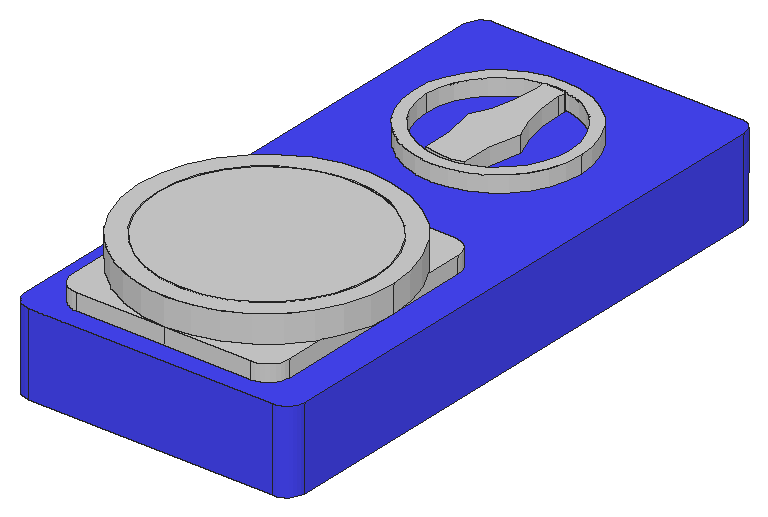
Revit family "Building-IEC309Connections-GEWISS-67IB-INTERLOCKED-SOCKET-OUTLETS_IP67_WITHOUT_BOTTOM_MOD", category Apparecchi elettrici, host Superficie, Revit 2019
Family settings
  Host = Superficie
  Mantenere orientamento annotazione = Sì
  Quota connettore circolare = Usa diametro
  Tipo di parte = Normale
  Taglio con vuoti quando caricato = Sì
  Condiviso = Sì
  Punto di calcolo locali = Sì
Parameters (values of type "GW66170N - 3P+N+E32A400V V.IN.SOC.O.NB.6H MT60 IP67")
  presa = rosso
  giallo = 0 mm
  dist_piano [instance] = 26 mm
  Working temperature = "-25 ÷ +40 °C"
  With back-mounting box = "No"
  Vista_2d_pianta [instance] = yes
  Version file RFA = "21.4"
  URL = "https://www.gewiss.com/ww/en"
  Typology = "Vertical"
  Thermo-pressure with ball = "125 °C"
  Technical sheet = "https://www.gewiss.com/ww/en/search?q=GW66170N"
  Struttura = Grigio RAL - 7035
  Simbolo presa = PRESAINDSTAGNA : 3P
  Simbolo [instance] = yes
  Simb_circuito [instance] = not(Simbolo)  # no
  Shock resistance = "IK08"
  SEO = "Socket outlet"
  Reference h = "6"
  Realized by GEWISS S.p.A. = ""
  Rated voltage: = "380 - 415 V"
  Rated voltage = "380 - 415 V"
  Rated frequency (Hz) = "50/60 Hz"
  Rated current (In) = "32"
  Rated current (A) = "32"
  Protection = "MCB"
  Default Elevation = 1219.2 mm
  Produttore = "GEWISS S.p.A."
  Operating temperature: = "-25 +40 °C"
  Number of poles = "2P+E"
  No. of poles = "3P+N+E"
  Modello = "GW66170N"
  Immagine tipo = A.jpg
  IP degree = "IP67"
  IDT = "a7f1347e-7fe6-401d-a8af-d935eaffb75e"
  IDF = "b83f6655-9841-43d4-b5be-f67be19551fa"
  Glow wire test: = "850 °C"
  Glow Wire Test = "850 °C"
  Frequency = "50/60 Hz"
  Electrocod = "2222"
  EAN code = "8011564741133"
  Distanza x [instance] = 0 mm
  Distanza orizzontale simbolo [instance] = 100 mm
  Distanza effettiva x [instance] = 1500 mm - Distanza x  # 1500 mm
  Descrizione = "3P+N+E32A400V V.IN.SOC.O.NB.6H MT60 IP67"
  Corpo presa = GEWISS -BLU
  Cornice simbolo [instance] = yes
  Colour: = "Red"
  Colour = "Red"
  Circuit breaker = "MT 6 kA C characteristic"
  Catalogue Range = "67 IB"
  Catalogue = "BUILDING"
  COBie.Tagnumber = ""
  COBie.CreatedOn = ""
  COBie.CreatebBy = ""
  COBie.ComponentRegisterItemID = ""
  COBie.Component.TagNumber = ""
  COBie.Component.Space = ""
  COBie.Component.SerialNumber = ""
  COBie.Component.InstallationDate = ""
  COBie.Component.Description = ""
  COBie.Component.BarCode = ""
Types (18, lengths in mm): name | Technical sheet | Reference h | Rated voltage: | Rated voltage | Rated current (In) | Rated current (A) | Number of poles | No. of poles | Modello | IDT | EAN code | Descrizione | Colour: | Colour
  GW66151N - 2P+E16A110V V.INT.SOCK.O.NB.4H MT60 IP67 | "https://www.gewiss.com/ww/en/search?q=GW66151N" | "4" | "100 - 130 V" | "100 - 130 V" | "16" | "16" | "2P+E" | "2P+E" | "GW66151N" | "280c487e-d6da-43be-8d9a-56c276f510c0" | "8011564740969" | "2P+E16A110V V.INT.SOCK.O.NB.4H MT60 IP67" | "Yellow" | "Yellow"
  GW66152N - 3P+E16A110V V.INT.SOCK.O.NB.4H MT60 IP67 | "https://www.gewiss.com/ww/en/search?q=GW66152N" | "4" | "100 - 130 V" | "100 - 130 V" | "16" | "16" | "3P+E" | "3P+E" | "GW66152N" | "0375e067-b854-4ca7-bb5d-b574e398fb1a" | "8011564740976" | "3P+E16A110V V.INT.SOCK.O.NB.4H MT60 IP67" | "Yellow" | "Yellow"
  GW66153N - 3P+N+E16A110V V.IN.SOC.O.NB.4H MT60 IP67 | "https://www.gewiss.com/ww/en/search?q=GW66153N" | "4" | "100 - 130 V" | "100 - 130 V" | "16" | "16" | "3P+N+E" | "3P+N+E" | "GW66153N" | "c15b39f4-96c4-48e8-b21e-d1e8542cf272" | "8011564740983" | "3P+N+E16A110V V.IN.SOC.O.NB.4H MT60 IP67" | "Yellow" | "Yellow"
  GW66154N - 2P+E16A230V V.INT.SOCK.O.NB.6H MT60 IP67 | "https://www.gewiss.com/ww/en/search?q=GW66154N" | "6" | "200 - 250 V" | "200 - 250 V" | "16" | "16" | "2P+E" | "2P+E" | "GW66154N" | "125d9dcb-f4de-4703-a0ef-dd9d8cea76e1" | "8011564740990" | "2P+E16A230V V.INT.SOCK.O.NB.6H MT60 IP67" | "Blue" | "Blue"
  GW66155N - 3P+E16A230V V.INT.SOCK.O.NB.9H MT60 IP67 | "https://www.gewiss.com/ww/en/search?q=GW66155N" | "9" | "200 - 250 V" | "200 - 250 V" | "16" | "16" | "3P+E" | "3P+E" | "GW66155N" | "6b489335-d57d-4482-97ce-f00b502849de" | "8011564741003" | "3P+E16A230V V.INT.SOCK.O.NB.9H MT60 IP67" | "Blue" | "Blue"
  GW66156N - 3P+N+E16A230V V.IN.SOC.O.NB.9H MT60 IP67 | "https://www.gewiss.com/ww/en/search?q=GW66156N" | "9" | "200 - 250 V" | "200 - 250 V" | "16" | "16" | "3P+N+E" | "3P+N+E" | "GW66156N" | "88ff29fb-67ff-4301-a8ce-8147a9386706" | "8011564741010" | "3P+N+E16A230V V.IN.SOC.O.NB.9H MT60 IP67" | "Blue" | "Blue"
  GW66157N - 2P+E16A400V V.INT.SOCK.O.NB.9H MT60 IP67 | "https://www.gewiss.com/ww/en/search?q=GW66157N" | "9" | "380 - 415 V" | "380 - 415 V" | "16" | "16" | "2P+E" | "2P+E" | "GW66157N" | "1713826b-0331-42f6-977d-3b1ad764ad4b" | "8011564741027" | "2P+E16A400V V.INT.SOCK.O.NB.9H MT60 IP67" | "Red" | "Red"
  GW66158N - 3P+E16A400V V.INT.SOCK.O.NB.6H MT60 IP67 | "https://www.gewiss.com/ww/en/search?q=GW66158N" | "6" | "380 - 415 V" | "380 - 415 V" | "16" | "16" | "3P+E" | "3P+E" | "GW66158N" | "e71b0447-933b-44fe-b03b-9d02754213eb" | "8011564741034" | "3P+E16A400V V.INT.SOCK.O.NB.6H MT60 IP67" | "Red" | "Red"
  GW66159N - 3P+N+E16A400V V.IN.SOC.O.NB.6H MT60 IP67 | "https://www.gewiss.com/ww/en/search?q=GW66159N" | "6" | "380 - 415 V" | "380 - 415 V" | "16" | "16" | "3P+N+E" | "3P+N+E" | "GW66159N" | "baf39f31-28a4-4099-8de4-750e6066bad7" | "8011564741041" | "3P+N+E16A400V V.IN.SOC.O.NB.6H MT60 IP67" | "Red" | "Red"
  GW66162N - 2P+E32A110V V.INT.SOCK.O.NB.4H MT60 IP67 | "https://www.gewiss.com/ww/en/search?q=GW66162N" | "4" | "100 - 130 V" | "100 - 130 V" | "32" | "32" | "3P+E" | "2P+E" | "GW66162N" | "504639eb-1ebc-4a00-927b-c21b63c6beda" | "8011564741058" | "2P+E32A110V V.INT.SOCK.O.NB.4H MT60 IP67" | "Yellow" | "Yellow"
  GW66163N - 3P+E32A110V V.INT.SOCK.O.NB.4H MT60 IP67 | "https://www.gewiss.com/ww/en/search?q=GW66163N" | "4" | "100 - 130 V" | "100 - 130 V" | "32" | "32" | "3P+N+E" | "3P+E" | "GW66163N" | "1b005a83-67f6-458a-bb24-ad9c4aedddfb" | "8011564741065" | "3P+E32A110V V.INT.SOCK.O.NB.4H MT60 IP67" | "Yellow" | "Yellow"
  GW66164N - 3P+N+E32A110V V.IN.SOC.O.NB.4H MT60 IP67 | "https://www.gewiss.com/ww/en/search?q=GW66164N" | "4" | "100 - 130 V" | "100 - 130 V" | "32" | "32" | "2P+E" | "3P+N+E" | "GW66164N" | "32073e2c-cb5d-450e-961b-e6b2e9a93a57" | "8011564741072" | "3P+N+E32A110V V.IN.SOC.O.NB.4H MT60 IP67" | "Yellow" | "Yellow"
  GW66165N - 2P+E32A230V V.INT.SOCK.O.NB.6H MT60 IP67 | "https://www.gewiss.com/ww/en/search?q=GW66165N" | "6" | "200 - 250 V" | "200 - 250 V" | "32" | "32" | "3P+E" | "2P+E" | "GW66165N" | "a640460b-f246-43fa-9dcf-695a4f90914c" | "8011564741089" | "2P+E32A230V V.INT.SOCK.O.NB.6H MT60 IP67" | "Blue" | "Blue"
  GW66166N - 3P+E32A230V V.INT.SOCK.O.NB.9H MT60 IP67 | "https://www.gewiss.com/ww/en/search?q=GW66166N" | "9" | "200 - 250 V" | "200 - 250 V" | "32" | "32" | "3P+N+E" | "3P+E" | "GW66166N" | "f4311082-624e-43ea-aaed-8ec6cd391ee0" | "8011564741096" | "3P+E32A230V V.INT.SOCK.O.NB.9H MT60 IP67" | "Blue" | "Blue"
  GW66167N - 3P+N+E32A230V V.IN.SOC.O.NB.9H MT60 IP67 | "https://www.gewiss.com/ww/en/search?q=GW66167N" | "9" | "200 - 250 V" | "200 - 250 V" | "32" | "32" | "2P+E" | "3P+N+E" | "GW66167N" | "f073d92a-cce3-49a6-b3ff-ae31262cd0bc" | "8011564741102" | "3P+N+E32A230V V.IN.SOC.O.NB.9H MT60 IP67" | "Blue" | "Blue"
  GW66168N - 2P+E32A400V V.INT.SOCK.O.NB.9H MT60 IP67 | "https://www.gewiss.com/ww/en/search?q=GW66168N" | "9" | "380 - 415 V" | "380 - 415 V" | "32" | "32" | "3P+E" | "2P+E" | "GW66168N" | "fba403d5-28f3-4002-b340-79907503e491" | "8011564741119" | "2P+E32A400V V.INT.SOCK.O.NB.9H MT60 IP67" | "Red" | "Red"
  GW66169N - 3P+E32A400V V.INT.SOCK.O.NB.6H MT60 IP67 | "https://www.gewiss.com/ww/en/search?q=GW66169N" | "6" | "380 - 415 V" | "380 - 415 V" | "32" | "32" | "3P+N+E" | "3P+E" | "GW66169N" | "c75e6b8a-43b1-499e-b90e-15541d11c266" | "8011564741126" | "3P+E32A400V V.INT.SOCK.O.NB.6H MT60 IP67" | "Red" | "Red"
  GW66170N - 3P+N+E32A400V V.IN.SOC.O.NB.6H MT60 IP67 | "https://www.gewiss.com/ww/en/search?q=GW66170N" | "6" | "380 - 415 V" | "380 - 415 V" | "32" | "32" | "2P+E" | "3P+N+E" | "GW66170N" | "a7f1347e-7fe6-401d-a8af-d935eaffb75e" | "8011564741133" | "3P+N+E32A400V V.IN.SOC.O.NB.6H MT60 IP67" | "Red" | "Red"
Reference planes
  plane 1 "Centro (Fronte/Retro)": y = 0
  plane 2: z = 0
  plane 3 "Centro (Sinistra/Destra)": x = 0
  plane 4: z = -2
  plane 5: x = 0
  plane 6: x = -1500
  plane 7: x = 0
  plane 8: through (-170.762, -4572, -38.353) normal (-0.6157, 0, 0.788)
  plane 9: x = -51.152
  plane 10: x = 53.222
  plane 11: z = 24
  plane 12: y = -110
  plane 13: y = 110
  plane 14: z = 24
  plane 15: z = 71
Forms (mm)
  Extrusion 1, solid, detail levels coarse
    sketch origin (0, 0, 0) x (1, 0, 0) y (0, 0, 1)
      loop
        line (-51.152, 71) -> (-51.152, 24) -> (53.222, 24) -> (53.222, 71) -> (-51.152, 71)
    from -108.895 to 109.105
Lines and regions (mm)
  Masking region 1, visible <- "Vista_2d_pianta"
    outline origin (0, 0, 0) x (1, 0, 0) y (0, 0, 1)
      loop
        line (-50.384, 54) -> (-50.384, 24) -> (52.616, 24) -> (52.616, 54) -> (-50.384, 54)
  Masking region 2, visible <- "Vista_2d_pianta"
    outline origin (0, 0, 0) x (1, 0, 0) y (0, 0, 1)
      loop
        line (-40, 60) -> (-40, 54) -> (40, 54) -> (40, 60) -> (-40, 60)
  Masking region 3, visible <- "Vista_2d_pianta"
    outline origin (0, 0, 0) x (1, 0, 0) y (0, 0, 1)
      loop
        line (-46.899, 60) -> (46.899, 60) -> (46.899, 70) -> (-46.899, 70) -> (-46.899, 60)
Dimensions and locks
  locked: plane 2 to plane 4 at 2
  "Distanza effettiva x": plane 5 to plane 6
  plane 3 "Centro (Sinistra/Destra)" to plane 6 = 1500 mm
  plane 6 to plane 5 = 1500 mm
  "Distanza effettiva x": plane 6 to plane 7
  locked: plane 9 to Masking region 1 at 0.768
  locked: Masking region 1 to plane 10 at 0.606
  "dist_piano": plane 14 to plane 4
  equal spacing: plane 12, plane 1 "Centro (Fronte/Retro)", plane 13
  locked: plane 12 to plane 13 at 220
  locked: plane 11 to plane 14 at 0
  locked: plane 15 to plane 11 at 47
  angle plane 8 to plane 4 = 142.00°
  angle plane 7 to plane 8 = 128.00°
  aligned and locked: plane 2 to host face
  aligned and locked: level to host face
  aligned and locked: plane 3 "Centro (Sinistra/Destra)" to nested 1
  aligned and locked: Masking region 1 sketch curve to nested 1  (x4)
  aligned and locked: Masking region 2 sketch curve to nested 1  (x4)
  aligned and locked: Extrusion 1 sketch curve to plane 9
  aligned and locked: Extrusion 1 sketch curve to plane 10
  aligned and locked: nested 1 to plane 11
  aligned and locked: Masking region 3 sketch curve to nested 1  (x4)
  aligned and locked: Extrusion 1 to plane 14
  aligned and locked: plane 15 to Extrusion 1
  aligned and locked: plane 7 to nested 2
  aligned and locked: plane 7 to nested 3
Automatic sketch dimensions
  host sketch curve to host sketch curve = 2438.4 mm  (x2)
  Extrusion 1 sketch curve to plane 11 = 0 mm
  plane 11 to Extrusion 1 sketch curve = 47 mm
Nested families
  nested 1: "IB PRESE INTERBLOC VERT_NO FONDO" at (0, 0, 24), type "IB PRESE INTERBLOC VERT_NO FONDO", detail levels medium+fine
  nested 2: "simbolo_circuitoGW66201N" at (0, 30.442, 0), Distanza dal muro <- "Distanza orizzontale simbolo", SIMBOLO ACCESO <- "Simb_circuito", type "3P"
    with SIMBOLO ACCESO no, Distanza dal muro 100 mm, BORDO ACCESO yes
  nested 3: "PRESAINDSTAGNA" at (0, 23.722, 0), Distanza dal muro <- "Distanza orizzontale simbolo", SIMBOLO ACCESO <- "Simbolo", type "3P"
    with SIMBOLO ACCESO yes, Distanza dal muro 100 mm, BORDO ACCESO yes
Definition of nested family "IB PRESE INTERBLOC VERT_NO FONDO"
  Parameters (values of type "IB PRESE INTERBLOC VERT_NO FONDO")
    corpo presa = none
    Struttura = none
    Spessore = 30 mm
    Raggio = 40 mm
    Default Elevation = 14 mm
    Presa = none
    Lunghezza = 103 mm
    IFC.TypeObject = ""
    IFC.ExportType = ""
    IFC.ExportAs = ""
    H_da terra = 586.883 mm
    COBie.CreatedOn = ""
    COBie.CreatebBy = ""
    COBie.ComponentRegisterItemID = ""
    COBie.Component.TagNumber = ""
    COBie.Component.Space = ""
    COBie.Component.SerialNumber = ""
    COBie.Component.InstallationDate = ""
    COBie.Component.Description = ""
    COBie.Component.BarCode = ""
    Altezza = 220 mm
  Reference planes
    plane 1 "Centro (Fronte/Retro)": y = 0
    plane 2: z = 0
    plane 3 "Centro (Sinistra/Destra)": x = 0
    plane 4: z = 6.883
    plane 5: z = 10.499
    plane 6 "presa": z = 46
    plane 7: z = 36
    plane 8: z = 30
    plane 9: x = -40
    plane 10: x = 40
    plane 11: y = -5.355
    plane 12: y = -98.612
    plane 13: y = -51.359
  Forms (mm)
    Extrusion 1, solid, material <- "Struttura"
      sketch origin (0, -697.104, -30) x (1, 0, 0) y (0, 1, 0)
        loop
          line (-0.408, 691.748) -> (-32.003, 691.748)
          spline (-32.003, 691.748) -> (-33.047, 691.681) -> (-34.073, 691.48) -> (-35.063, 691.148) -> (-36.002, 690.693) -> (-36.871, 690.12) -> (-37.658, 689.441) -> (-38.347, 688.666) -> (-38.929, 687.809) -> (-39.391, 686.885) -> (-39.728, 685.909) -> (-39.932, 684.898) -> (-40, 683.87)
          line (-40, 683.87) -> (-40, 606.37)
          spline (-40, 606.37) -> (-39.932, 605.341) -> (-39.728, 604.331) -> (-39.391, 603.355) -> (-38.929, 602.43) -> (-38.347, 601.574) -> (-37.658, 600.799) -> (-36.871, 600.119) -> (-36.002, 599.547) -> (-35.063, 599.091) -> (-34.073, 598.76) -> (-33.047, 598.559) -> (-32.003, 598.491)
          line (-32.003, 598.491) -> (0, 598.491) -> (32.003, 598.491)
          spline (32.003, 598.491) -> (33.047, 598.559) -> (34.073, 598.76) -> (35.063, 599.091) -> (36.002, 599.547) -> (36.871, 600.119) -> (37.658, 600.799) -> (38.347, 601.574) -> (38.929, 602.43) -> (39.391, 603.355) -> (39.728, 604.331) -> (39.932, 605.341) -> (40, 606.37)
          line (40, 606.37) -> (40, 683.87)
          spline (40, 683.87) -> (39.932, 684.898) -> (39.728, 685.909) -> (39.391, 686.885) -> (38.929, 687.809) -> (38.347, 688.666) -> (37.658, 689.441) -> (36.871, 690.12) -> (36.002, 690.693) -> (35.063, 691.148) -> (34.073, 691.48) -> (33.047, 691.681) -> (32.003, 691.748)
          line (32.003, 691.748) -> (-0.408, 691.748)
      from 60 to 66
    Extrusion 2, solid, material <- "Presa"
      sketch origin (0, -700.854, -30) x (1, 0, 0) y (0, 1, 0)
        loop
          circle (0, 649.495) r 46.899
        loop
          circle (0, 649.495) r 40
      from 66 to 76
    Extrusion 3, solid, material <- "Struttura"
      sketch origin (0, -697.104, -30) x (1, 0, 0) y (0, 1, 0)
        loop
          circle (0, 752.384) r 30.831
        loop
          circle (0, 752.384) r 26.483
      from 60 to 66
    Extrusion 4, solid, material <- "Struttura"
      sketch origin (0, -697.104, -30) x (1, 0, 0) y (0, 1, 0)
        loop
          arc (-9.552, 750.899) -> (-7.429, 739.645) -> (-7.314, 728.193) r 64.983
          arc (-7.314, 728.193) -> (-0.131, 727.067) -> (7.064, 728.115) r 24.316
          arc (7.064, 728.115) -> (7.302, 739.566) -> (9.547, 750.796) r 64.983
          arc (9.547, 750.796) -> (5.519, 762.425) -> (4.215, 774.661) r 54.251
          line (4.215, 774.661) -> (4.25, 777.658)
          arc (4.25, 777.658) -> (3.985, 778.329) -> (3.336, 778.647) r 1
          arc (3.336, 778.647) -> (0.147, 778.794) -> (-3.043, 778.682) r 39.364
          arc (-3.043, 778.682) -> (-3.695, 778.371) -> (-3.967, 777.702) r 1
          line (-3.967, 777.702) -> (-3.964, 774.706)
          arc (-3.964, 774.706) -> (-5.4, 762.483) -> (-9.552, 750.899) r 54.251
      from 60 to 66
    Extrusion 5, solid, material <- "corpo presa"
      sketch origin (-2.5, -699.604, -30) x (1, 0, 0) y (0, 1, 0)
        loop
          arc (55.116, 802.193) -> (53.269, 806.652) -> (48.81, 808.499) r 6.306
          line (48.81, 808.499) -> (-41.578, 808.499)
          arc (-41.578, 808.499) -> (-46.037, 806.652) -> (-47.884, 802.193) r 6.306
          line (-47.884, 802.193) -> (-47.884, 600.052)
          arc (-47.884, 600.052) -> (-45.976, 595.446) -> (-41.369, 593.537) r 6.515
          line (-41.369, 593.537) -> (48.601, 593.537)
          arc (48.601, 593.537) -> (53.208, 595.446) -> (55.116, 600.052) r 6.515
          line (55.116, 600.052) -> (55.116, 802.193)
      from 30 to 60
    Extrusion 6, solid, material <- "Struttura", not visible
      sketch origin (0, 47.014, -580) x (1, 0, 0) y (0, 0, 1)
        loop
          line (-0.408, 691.748) -> (-29.506, 691.748)
          spline (-29.506, 691.748) -> (-30.55, 691.681) -> (-31.576, 691.48) -> (-32.567, 691.148) -> (-33.505, 690.693) -> (-34.375, 690.12) -> (-35.161, 689.441) -> (-35.851, 688.666) -> (-36.432, 687.809) -> (-36.895, 686.885) -> (-37.231, 685.909) -> (-37.435, 684.898) -> (-37.503, 683.87)
          line (-37.503, 683.87) -> (-37.503, 615.12)
          spline (-37.503, 615.12) -> (-37.435, 614.091) -> (-37.231, 613.081) -> (-36.895, 612.105) -> (-36.432, 611.18) -> (-35.851, 610.324) -> (-35.161, 609.549) -> (-34.375, 608.869) -> (-33.505, 608.297) -> (-32.567, 607.841) -> (-31.576, 607.51) -> (-30.55, 607.309) -> (-29.506, 607.241)
          line (-29.506, 607.241) -> (0, 607.241) -> (29.506, 607.241)
          spline (29.506, 607.241) -> (30.55, 607.309) -> (31.576, 607.51) -> (32.567, 607.841) -> (33.505, 608.297) -> (34.375, 608.869) -> (35.161, 609.549) -> (35.851, 610.324) -> (36.432, 611.18) -> (36.895, 612.105) -> (37.231, 613.081) -> (37.435, 614.091) -> (37.503, 615.12)
          line (37.503, 615.12) -> (37.503, 683.87)
          spline (37.503, 683.87) -> (37.435, 684.898) -> (37.231, 685.909) -> (36.895, 686.885) -> (36.432, 687.809) -> (35.851, 688.666) -> (35.161, 689.441) -> (34.375, 690.12) -> (33.505, 690.693) -> (32.567, 691.148) -> (31.576, 691.48) -> (30.55, 691.681) -> (29.506, 691.748)
          line (29.506, 691.748) -> (-0.408, 691.748)
      from 51.991 to 55.821
    Extrusion 7, solid, material <- "Presa", not visible
      sketch origin (0, 47.014, -580) x (1, 0, 0) y (0, 0, 1)
        loop
          circle (0, 646.456) r 46.899
      from 55.821 to 62.709
    Extrusion 8, solid, material <- "Struttura", not visible
      sketch origin (0, 47.014, -580) x (1, 0, 0) y (0, 0, 1)
        loop
          circle (0, 752.384) r 30.831
        loop
          circle (0, 752.384) r 26.483
      from 51.991 to 62.709
    Extrusion 9, solid, material <- "Struttura", not visible
      sketch origin (0, 47.014, -580) x (1, 0, 0) y (0, 0, 1)
        loop
          arc (-9.552, 750.899) -> (-7.429, 739.645) -> (-7.314, 728.193) r 64.983
          arc (-7.314, 728.193) -> (-0.131, 727.067) -> (7.064, 728.115) r 24.316
          arc (7.064, 728.115) -> (7.302, 739.566) -> (9.547, 750.796) r 64.983
          arc (9.547, 750.796) -> (5.519, 762.425) -> (4.215, 774.661) r 54.251
          line (4.215, 774.661) -> (4.25, 777.658)
          arc (4.25, 777.658) -> (3.985, 778.329) -> (3.336, 778.647) r 1
          arc (3.336, 778.647) -> (0.147, 778.794) -> (-3.043, 778.682) r 39.364
          arc (-3.043, 778.682) -> (-3.695, 778.371) -> (-3.967, 777.702) r 1
          line (-3.967, 777.702) -> (-3.964, 774.706)
          arc (-3.964, 774.706) -> (-5.4, 762.483) -> (-9.552, 750.899) r 54.251
      from 51.991 to 62.709
    Extrusion 10, solid, material <- "corpo presa", not visible
      sketch origin (0, 47.014, -580) x (1, 0, 0) y (0, 0, 1)
        loop
          arc (47.884, 796.962) -> (46.037, 801.42) -> (41.578, 803.267) r 6.306
          line (41.578, 803.267) -> (-41.578, 803.267)
          arc (-41.578, 803.267) -> (-46.037, 801.42) -> (-47.884, 796.962) r 6.306
          line (-47.884, 796.962) -> (-47.884, 597.014)
          arc (-47.884, 597.014) -> (-45.976, 592.407) -> (-41.369, 590.499) r 6.515
          line (-41.369, 590.499) -> (41.369, 590.499)
          arc (41.369, 590.499) -> (45.976, 592.407) -> (47.884, 597.014) r 6.515
          line (47.884, 597.014) -> (47.884, 796.962)
      from 30 to 51.991
    Extrusion 11, solid, material <- "Struttura"
      sketch origin (1.116, -3.75, 0) x (1, 0, 0) y (0, 1, 0)
        loop
          circle (-1.116, -47.609) r 40
      from 36 to 46
  Lines and regions (mm)
    symbolic lines
      curve 1: line (0, 0, 46) -> (0, -106.066, 46)
      curve 2: line (-40, -51.359, 46) -> (40, -51.359, 46)
  Dimensions and locks
    locked: plane 5 to plane 4 at 3.616
    Extrusion 5 sketch curve to Extrusion 5 sketch curve = 103 mm
    plane 6 "presa" to plane 2 = 46 mm
    locked: plane 7 to plane 6 "presa" at 10
    plane 8 to plane 2 = 30 mm
    locked: plane 8 to plane 7 at 6
    equal spacing: plane 9, plane 3 "Centro (Sinistra/Destra)", plane 10
    locked: plane 9 to plane 10 at 80
    Extrusion 1 to Extrusion 1 = 93.257 mm
    "Raggio": radius of Extrusion 11 sketch curve
    "Raggio": radius of Extrusion 2 sketch curve
    aligned and locked: level to plane 2
    aligned and locked: Extrusion 3 to Extrusion 5
    aligned and locked: Extrusion 4 to Extrusion 3
    aligned and locked: Extrusion 3 to Extrusion 4
    aligned and locked: Extrusion 2 to Extrusion 1
    aligned and locked: Extrusion 5 to level
    aligned and locked: plane 6 "presa" to Extrusion 2
    aligned and locked: Extrusion 11 to Extrusion 1
    aligned and locked: plane 6 "presa" to Extrusion 11
    aligned and locked: Extrusion 1 to plane 7
    aligned and locked: Extrusion 5 to plane 8
    aligned and locked: plane 8 to Extrusion 1
    aligned and locked: Extrusion 3 to plane 7
    aligned and locked: curve 1 to plane 3 "Centro (Sinistra/Destra)"
    aligned and locked: Extrusion 1 sketch curve to plane 9
    aligned and locked: Extrusion 1 sketch curve to plane 10
    aligned and locked: plane 12 to Extrusion 1 sketch curve
    aligned and locked: curve 2 to plane 13
    aligned and locked: plane 3 "Centro (Sinistra/Destra)" to Extrusion 11 sketch curve
    aligned and locked: plane 13 to Extrusion 11 sketch curve
  Automatic sketch dimensions
    Extrusion 1 sketch curve to plane 3 "Centro (Sinistra/Destra)" = 0 mm
    Extrusion 1 sketch curve to plane 3 "Centro (Sinistra/Destra)" = 0.408 mm
    Extrusion 1 sketch curve to Extrusion 1 sketch curve = 32.003 mm
    plane 1 "Centro (Fronte/Retro)" to Extrusion 1 sketch curve = 5.355 mm
    Extrusion 1 sketch curve to Extrusion 1 sketch curve = 7.997 mm  (x2)
    plane 3 "Centro (Sinistra/Destra)" to Extrusion 1 sketch curve = 32.003 mm
    Extrusion 1 sketch curve to Extrusion 1 sketch curve = 7.878 mm  (x3)
    Extrusion 3 sketch curve to Extrusion 3 sketch curve = 0 mm  (x2)
    Extrusion 3 sketch curve to plane 3 "Centro (Sinistra/Destra)" = 0 mm
    Extrusion 3 sketch curve to plane 1 "Centro (Fronte/Retro)" = 55.28 mm
    Extrusion 4 sketch curve to plane 3 "Centro (Sinistra/Destra)" = 0 mm
    Extrusion 4 sketch curve to plane 3 "Centro (Sinistra/Destra)" = 0.064 mm
    Extrusion 4 sketch curve to plane 3 "Centro (Sinistra/Destra)" = 2.967 mm
    Extrusion 4 sketch curve to Extrusion 4 sketch curve = 0.997 mm
    Extrusion 4 sketch curve to Extrusion 4 sketch curve = 1 mm  (x2)
    Extrusion 4 sketch curve to Extrusion 4 sketch curve = 54.251 mm
    Extrusion 4 sketch curve to Extrusion 4 sketch curve = 13.883 mm
    plane 3 "Centro (Sinistra/Destra)" to Extrusion 4 sketch curve = 3.25 mm
    Extrusion 4 sketch curve to Extrusion 4 sketch curve = 0.965 mm
    Extrusion 4 sketch curve to Extrusion 4 sketch curve = 54.25 mm
    Extrusion 4 sketch curve to Extrusion 4 sketch curve = 13.435 mm
    Extrusion 4 sketch curve to plane 1 "Centro (Fronte/Retro)" = 35.393 mm
    Extrusion 4 sketch curve to plane 1 "Centro (Fronte/Retro)" = 36.167 mm
    Extrusion 4 sketch curve to plane 1 "Centro (Fronte/Retro)" = 42.327 mm
    Extrusion 4 sketch curve to Extrusion 4 sketch curve = 11.953 mm
    Extrusion 4 sketch curve to Extrusion 4 sketch curve = 41.757 mm
    Extrusion 4 sketch curve to Extrusion 4 sketch curve = 23.278 mm
    Extrusion 4 sketch curve to Extrusion 4 sketch curve = 0.044 mm
    Extrusion 4 sketch curve to Extrusion 4 sketch curve = 41.61 mm
    Extrusion 4 sketch curve to Extrusion 4 sketch curve = 2.99 mm
    Extrusion 4 sketch curve to Extrusion 4 sketch curve = 0.007 mm
    Extrusion 4 sketch curve to Extrusion 4 sketch curve = 2.979 mm
    Extrusion 4 sketch curve to Extrusion 4 sketch curve = 0.018 mm
    Extrusion 4 sketch curve to Extrusion 4 sketch curve = 0 mm
    Extrusion 4 sketch curve to plane 3 "Centro (Sinistra/Destra)" = 7.314 mm
    Extrusion 4 sketch curve to Extrusion 4 sketch curve = 9.552 mm
    plane 3 "Centro (Sinistra/Destra)" to Extrusion 4 sketch curve = 7.064 mm
    Extrusion 5 sketch curve to plane 3 "Centro (Sinistra/Destra)" = 50.384 mm
    Extrusion 5 sketch curve to Extrusion 5 sketch curve = 6.306 mm  (x2)
    Extrusion 5 sketch curve to Extrusion 5 sketch curve = 6.515 mm  (x2)
    Extrusion 5 sketch curve to plane 1 "Centro (Fronte/Retro)" = 102.59 mm
    Extrusion 1 sketch curve to plane 12 = 7.878 mm
    plane 12 to Extrusion 5 sketch curve = 0.939 mm
    plane 1 "Centro (Fronte/Retro)" to curve 1 = 0 mm
    curve 2 to plane 9 = 0 mm
    curve 2 to plane 10 = 0 mm
    plane 12 to curve 1 = 7.454 mm
    Extrusion 2 sketch curve to Extrusion 2 sketch curve = 0 mm  (x2)
    Extrusion 2 sketch curve to plane 3 "Centro (Sinistra/Destra)" = 0 mm
    Extrusion 2 sketch curve to plane 13 = 0 mm
    radius of Extrusion 3 sketch curve = 30.831 mm
    radius of Extrusion 3 sketch curve = 26.483 mm
    radius of Extrusion 2 sketch curve = 46.899 mm
Definition of nested family "simbolo_circuitoGW66201N"
  Parameters (values of type "3P")
    SIMBOLO ACCESO [instance] = yes
    SIMBOLO = PRESAINDSTAGNA_BASE : 3P
    Distanza dal muro [instance] = 0 mm
    BORDO ACCESO [instance] = yes
  Reference planes
    plane 1: y = 0
    plane 2: x = 0
  Dimensions and locks
    "Distanza dal muro": plane 1 to nested 1
    aligned and locked: plane 2 to nested 1
  Nested families
    nested 1: "GW66201N-simb_base_di circuito" at (0, 0, 0), visible <- "SIMBOLO ACCESO", type "3P"
      with CORNICE SIMBOLO yes
  Definition of nested family "GW66201N-simb_base_di circuito"
    Parameters (values of type "3P")
      CORNICE SIMBOLO [instance] = yes
      3P = yes
    Types (2, lengths in mm): name | 3P
      3P | yes
      2P | no
    Reference planes
      plane 1: y = 0
      plane 2: x = 0
    Lines and regions (mm)
      detail lines, not visible
        curve 1: line (-2.443, 10.208, 0) -> (2.057, 10.208, 0)
        curve 2: line (2.057, 10.208, 0) -> (2.057, 4.208, 0)
        curve 3: line (2.057, 4.208, 0) -> (-2.443, 4.208, 0)
        curve 4: line (-2.443, 4.208, 0) -> (-2.443, 10.208, 0)
        curve 5: line (-2.043, 9.808, 0) -> (1.657, 9.808, 0)
        curve 6: line (1.657, 9.808, 0) -> (1.657, 4.608, 0)
        curve 7: line (1.657, 4.608, 0) -> (-2.043, 4.608, 0)
        curve 8: line (-2.043, 4.608, 0) -> (-2.043, 9.808, 0)
    Dimensions and locks
      aligned and locked: import instance to plane 2
      aligned and locked: plane 1 to import instance
Definition of nested family "PRESAINDSTAGNA"
  Parameters (values of type "3P")
    SIMBOLO ACCESO [instance] = yes
    SIMBOLO = PRESAINDSTAGNA_BASE : 3P
    Distanza dal muro [instance] = 0 mm
    BORDO ACCESO [instance] = yes
  Types (2): name
    2P
    3P
  Reference planes
    plane 1: y = 0
    plane 2: x = 0
  Dimensions and locks
    "Distanza dal muro": plane 1 to nested 1
    aligned and locked: plane 2 to nested 1
  Nested families
    nested 1: "PRESAINDSTAGNA_BASE" at (0, 0, 0), type <- "SIMBOLO", CORNICE SIMBOLO <- "BORDO ACCESO", visible <- "SIMBOLO ACCESO", type "3P"
  Definition of nested family "PRESAINDSTAGNA_BASE"
    Parameters (values of type "3P")
      CORNICE SIMBOLO [instance] = yes
      3P = yes
    Types (2, lengths in mm): name | 3P
      3P | yes
      2P | no
    Reference planes
      plane 1: y = 0
      plane 2: x = 0
    Lines and regions (mm)
      detail lines, not visible
        curve 1: line (-2.443, 10.208, 0) -> (2.057, 10.208, 0)
        curve 2: line (2.057, 10.208, 0) -> (2.057, 4.208, 0)
        curve 3: line (2.057, 4.208, 0) -> (-2.443, 4.208, 0)
        curve 4: line (-2.443, 4.208, 0) -> (-2.443, 10.208, 0)
        curve 5: line (-2.043, 9.808, 0) -> (1.657, 9.808, 0)
        curve 6: line (1.657, 9.808, 0) -> (1.657, 4.608, 0)
        curve 7: line (1.657, 4.608, 0) -> (-2.043, 4.608, 0)
        curve 8: line (-2.043, 4.608, 0) -> (-2.043, 9.808, 0)
      detail lines
        curve 9: line (-0.333, 0.928, 0) -> (-0.05, 0.928, 0)
        curve 10: line (-0.05, 0.928, 0) -> (0.417, 1.737, 0)
        curve 11: line (0.417, 1.737, 0) -> (0.764, 1.537, 0)
        curve 12: line (-0.05, 0.928, 0) -> (-0.333, 0.437, 0)
        curve 13: line (-0.333, 0.437, 0) -> (-0.333, 2.059, 0)
        curve 14: line (0.222, 1.399, 0) -> (0.569, 1.199, 0)
        curve 15: line (-0.723, 0.437, 0) -> (0.057, 0.437, 0)
        curve 16: line (-0.333, 0.81, 0) -> (-0.216, 0.928, 0)
        curve 17: line (-0.333, 0.741, 0) -> (-0.147, 0.928, 0)
        curve 18: line (-0.333, 0.672, 0) -> (-0.078, 0.928, 0)
        curve 19: line (-0.333, 0.603, 0) -> (-0.106, 0.831, 0)
        curve 20: line (-0.333, 0.534, 0) -> (-0.2, 0.668, 0)
        curve 22: arc (-0.723, 0.047, 0) -> (-0.333, 0.437, 0) -> (0.057, 0.047, 0) r 0.39
        curve 23: line (-0.8, 2.1, 0) -> (0.8, 2.1, 0)
        curve 24: line (-0.8, 0, 0) -> (-0.8, 2.1, 0)
        curve 25: line (0.8, 0, 0) -> (-0.8, 0, 0)
        curve 26: line (0.8, 2.1, 0) -> (0.8, 0, 0)
      detail lines, visible <- "3P"
        curve 21: line (0.028, 1.061, 0) -> (0.374, 0.861, 0)
